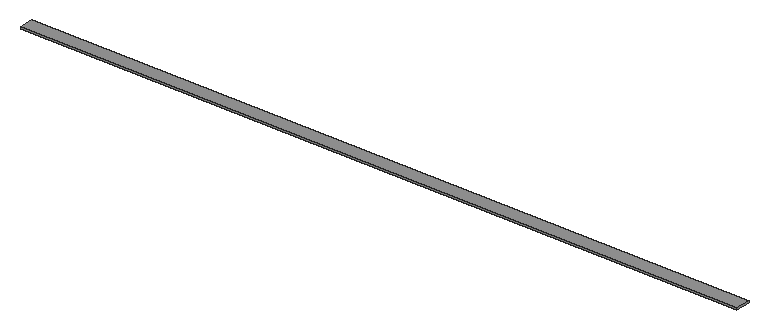
Revit family "0068131", category Lighting Fixtures, host Face, Revit 2017
Family settings
  Host = Face
  Round Connector Dimension = Use Diameter
  Part Type = Normal
  OmniClass Number = 23.80.70.00
  OmniClass Title = Lighting
  Cut with Voids When Loaded = No
  Light Source = Yes
  Shared = No
  Room Calculation Point = No
Parameters (values of type "0068131 START FLEX IP20 827 10000LM - 500 mm")
  Width_SYL = if(IP20HO_SYL, 10 mm, if(IP65_SYL, 12 mm, if(IP65HO_SYL, 10 mm, if(IP67_SYL, 10 mm, if(IP20RGB_SYL, 8 mm, if(IP20RGBW_SYL, 12 mm, if(IP67RGB_SYL, 12 mm, if(IP67RGBW_SYL, 14 mm, 8 mm))))))))  # 10 mm
  Weight = "2.0 kg"
  Wattage Comments = ""
  Wattage = 82.5 W
  WarrantyStartDate [instance] = "n/a"
  WarrantyGuarantorParts = "n/a"
  WarrantyDurationUnit = "n/a"
  WarrantyDurationParts = "n/a"
  WarrantyDescription = "n/a"
  built-in parameter 1150110 = 1 (stored number, unit not read)
  Voltage = 24 V
  URL = "http://www.sylvania-lighting.com"
  TypeName = "START Flex IP20 827 10000lm - 500 mm"
  Type Image = <None>
  Type Comments = "n/a"
  built-in parameter 1114217 = 1 (stored number, unit not read)
  Tilt Angle = -90.00°
  built-in parameter 1150109 = 1 (stored number, unit not read)
  built-in parameter 1150134 = (empty or 0)
  built-in parameter 1150113 = 1 (stored number, unit not read)
  StartCapWidth_SYL = if(IP20HO_SYL, 2 mm, if(IP65_SYL, 14 mm, if(IP65HO_SYL, 12 mm, if(IP67_SYL, 17.5 mm, if(IP20RGB_SYL, 2 mm, if(IP20RGBW_SYL, 2 mm, if(IP67RGB_SYL, 14 mm, if(IP67RGBW_SYL, 16 mm, 2 mm))))))))  # 2 mm
  StartCapVisible_SYL [instance] = no
  StartCapLength_SYL = if(IP20HO_SYL, 2 mm, if(IP65_SYL, 10 mm, if(IP65HO_SYL, 15 mm, if(IP67_SYL, 35 mm, if(IP20RGB_SYL, 2 mm, if(IP20RGBW_SYL, 2 mm, if(IP67RGB_SYL, 12 mm, if(IP67RGBW_SYL, 12 mm, 2 mm))))))))  # 2 mm
  StartCapHeight_SYL = if(IP20HO_SYL, 2 mm, if(IP65_SYL, 6 mm, if(IP65HO_SYL, 6 mm, if(IP67_SYL, 9.5 mm, if(IP20RGB_SYL, 2 mm, if(IP20RGBW_SYL, 2 mm, if(IP67RGB_SYL, 7 mm, if(IP67RGBW_SYL, 7 mm, 2 mm))))))))  # 2 mm
  SerialNumber [instance] = "n/a"
  SealingVisibility_SYL = no
  IP67_SYL = no
  IP67RGB_SYL = no
  IP67RGBW_SYL = no
  IP65_SYL = no
  IP65HO_SYL = no
  IP20RGB_SYL = no
  IP20RGBW_SYL = no
  IP20HO_SYL = yes
  HeightWithSealing_SYL = if(IP20HO_SYL, 2 mm, if(IP65_SYL, 4 mm, if(IP65HO_SYL, 4 mm, if(IP67_SYL, 6 mm, if(IP20RGB_SYL, 2 mm, if(IP20RGBW_SYL, 2 mm, if(IP67RGB_SYL, 5 mm, if(IP67RGBW_SYL, 5 mm, 2 mm))))))))  # 2 mm
  Photometric Web File = "0068131.ies"
  Material_3_SYL = ABS Plastic
  PowerFactor = 0
  PowerConsumption = "82.5 W"
  NominalLength = 5000 mm
  NominalHeight = 1.2 mm
  NominalDepth = 10 mm
  Name = "START Flex IP20 827 10000lm - 500 mm"
  ModelReference = Name  # "START Flex IP20 827 10000lm - 500 mm"
  ModelNumber = "0068131"
  Model = Name  # "START Flex IP20 827 10000lm - 500 mm"
  Material = "none diffuser"
  ManufacturerName = "Feilo Sylvania"
  Manufacturer = "Feilo Sylvania"
  LuminousEfficacy = "129 lm/W"
  built-in parameter 1150105 = 3646.3 (stored number, unit not read)
  Lumens = 10642.5 lm
  LuminaireType = ""
  built-in parameter 1150115 = 1 (stored number, unit not read)
  LightOutputRatio = "n/a"
  built-in parameter 1150137 = (empty or 0)
  built-in parameter 1150139 = (empty or 0)
  Length_SYL = 500 mm
  LampsType = Lamp  # "LED"
  LampNominalLuminous = "10000 lm"
  LampMacAdamStep = "3"
  LampColourTemperature = "2700 K"
  LampColourRenderingIndex = "80"
  built-in parameter 1150112 = 1 (stored number, unit not read)
  built-in parameter 1150114 = 1 (stored number, unit not read)
  Lamp = "LED"
  Keynote = "16500"
  InstallationDate [instance] = "n/a"
  InputVoltage = "24V DC"
  InputNominalFrequency = "n/a"
  built-in parameter 1150132 = (empty or 0)
  built-in parameter 1150102 = (empty or 0)
  built-in parameter 1150107 = 2700 (stored number, unit not read)
  built-in parameter 1150138 = (empty or 0)
  IngressProtection = "IP20"
  ImpactProtectionIndex = "IK00"
  built-in parameter 1150106 = 36.463 (stored number, unit not read)
  IfcExportType = "IfcLightFixtureType"
  IfcExportAs = "IfcLightFixtureType"
  EndCapWidth_SYL = if(IP20HO_SYL, 2 mm, if(IP65_SYL, 14 mm, if(IP65HO_SYL, 12 mm, if(IP67_SYL, 17.5 mm, if(IP20RGB_SYL, 2 mm, if(IP20RGBW_SYL, 2 mm, if(IP67RGB_SYL, 14 mm, if(IP67RGBW_SYL, 16 mm, 2 mm))))))))  # 2 mm
  EndCapVisible_SYL [instance] = no
  EndCapLength_SYL = if(IP20HO_SYL, 2 mm, if(IP65_SYL, 10 mm, if(IP65HO_SYL, 10 mm, if(IP67_SYL, 15 mm, if(IP20RGB_SYL, 2 mm, if(IP20RGBW_SYL, 2 mm, if(IP67RGB_SYL, 10 mm, if(IP67RGBW_SYL, 10 mm, 2 mm))))))))  # 2 mm
  EndCapHeight_SYL = if(IP20HO_SYL, 2 mm, if(IP65_SYL, 6 mm, if(IP65HO_SYL, 6 mm, if(IP67_SYL, 9.5 mm, if(IP20RGB_SYL, 2 mm, if(IP20RGBW_SYL, 2 mm, if(IP67RGB_SYL, 7 mm, if(IP67RGBW_SYL, 7 mm, 2 mm))))))))  # 2 mm
  EmitSurfaceOffset_SYL = 1 mm  # constant formula
  EmitSurfaceHeight_SYL = if(IP20HO_SYL, 1.2 mm, if(IP65_SYL, 4 mm, if(IP65HO_SYL, 4 mm, if(IP67_SYL, 6 mm, if(IP20RGB_SYL, 1.2 mm, if(IP20RGBW_SYL, 1.2 mm, if(IP67RGB_SYL, 5 mm, if(IP67RGBW_SYL, 5 mm, 1.2 mm))))))))  # 1.2 mm
  Emit from Rectangle Width = if(IP20HO_SYL, 3.5 mm, if(IP65_SYL, 12 mm, if(IP65HO_SYL, 10 mm, if(IP67_SYL, 10 mm, if(IP20RGB_SYL, 5 mm, if(IP20RGBW_SYL, 5 mm, if(IP67RGB_SYL, 12 mm, if(IP67RGBW_SYL, 14 mm, 3.5 mm))))))))  # 3.5 mm
  Emit from Rectangle Length = Length_SYL - 2 * EmitSurfaceOffset_SYL  # 498 mm
  Emit Shape Visible in Rendering = no
  ElectricShockClassification = "Class III"
  built-in parameter 1150104 = 11.984 (stored number, unit not read)
  DocumentationLiterature = "http://www.sylvania-lighting.com/product/en-int/products/0068131"
  DimmingControlOptions = "n/a"
  Material_2_SYL = LED
  Dimming Lamp Color Temperature Shift = <None>
  Description = "5 metre IP20 LED reel with pre-attached 3M adhesive type;  equipped with 420 LEDs,24V; 2700K; CRI80; SDCM <3; 50000 hrs (L70)"
  Default Elevation = 1219.2 mm
  CreatedOn = "9/11/2019"
  CreatedBy = "@sylvania-lighting.com"
  Cost = 0
  Color Filter = 16777215
  built-in parameter 1114216 [instance] = (empty or 0)
  ClassificationValue = "EF_70_80"
  ClassificationName = "Uniclass2015"
  Material_1_SYL = Aluminum
  BarCode [instance] = "n/a"
  built-in parameter 1114218 = 1 (stored number, unit not read)
  built-in parameter 1150133 = 10 (stored number, unit not read)
  AssetType = "Fixed"
  AssetIdentifier [instance] = "n/a"
  Assembly Code = "D5020200"
  Apparent Load = 82.5 VA
  Material_4_SYL = Polycarbonate, Clear
Types (4, lengths in mm): name | TypeName | StartCapVisible_SYL | Name | ModelReference | Model | Length_SYL | EndCapVisible_SYL | Emit from Rectangle Length
  0068131 START FLEX IP20 827 10000LM - 500 mm | "START Flex IP20 827 10000lm - 500 mm" | no | "START Flex IP20 827 10000lm - 500 mm" | "START Flex IP20 827 10000lm - 500 mm" | "START Flex IP20 827 10000lm - 500 mm" | 500 | no | 498
  0068131 START FLEX IP20 827 10000LM - 100 mm | "START Flex IP20 827 10000lm - 100 mm" | no | "START Flex IP20 827 10000lm - 100 mm" | "START Flex IP20 827 10000lm - 100 mm" | "START Flex IP20 827 10000lm - 100 mm" | 100 | no | 98
  0068131 START FLEX IP20 827 10000LM - 50 mm | "START Flex IP20 827 10000lm - 50 mm" | yes | "START Flex IP20 827 10000lm - 50 mm" | "START Flex IP20 827 10000lm - 50 mm" | "START Flex IP20 827 10000lm - 50 mm" | 50 | yes | 48
  0068131 START FLEX IP20 827 10000LM - 10 mm | "START Flex IP20 827 10000lm - 10 mm" | yes | "START Flex IP20 827 10000lm - 10 mm" | "START Flex IP20 827 10000lm - 10 mm" | "START Flex IP20 827 10000lm - 10 mm" | 10 | yes | 8
Reference planes
  plane 1 "Center (Front/Back)": y = 0
  plane 2: z = 0
  plane 3 "Center (Left/Right)": x = 0
  plane 4: y = 5
  plane 5: y = -5
  plane 6: z = 1.2
  plane 7: x = 500
  plane 8: x = 250
  plane 9: x = 1
  plane 10: x = 499
  plane 11: y = 1.8
  plane 12: y = -1.8
  plane 13: y = 1
  plane 14: y = -1
  plane 15: x = -2
  plane 16: x = 502
  plane 17: y = 1
  plane 18: y = -1
  plane 19: z = 1.2
  plane 20: z = 2
  plane 21: z = 0.6
  plane 22: z = -0.4
  plane 23: z = 1.6
  plane 24: z = 1.6
  plane 25: z = -0.4
Forms (mm)
  Extrusion 1, solid, material "Aluminum" <- "Material_1_SYL"
    sketch origin (0, 0, 0) x (0, 1, 0) y (0, 0, 1)
      loop
        line (-5, 1.2) -> (-5, 0) -> (5, 0) -> (5, 1.2) -> (-5, 1.2)
    from 0 to 500
  Extrusion 2, solid, material "Polycarbonate, Clear" <- "Material_4_SYL", visible <- "SealingVisibility_SYL"
    sketch origin (0, 0, 0) x (0, 1, 0) y (0, 0, 1)
      loop
        line (-5, 1.2) -> (5, 1.2) -> (5, 2) -> (-5, 2) -> (-5, 1.2)
    from 0 to 500
  Extrusion 3, solid, visible <- "StartCapVisible_SYL"
    sketch origin (0, 0, 0) x (0, 1, 0) y (0, 0, 1)
      loop
        line (-1, -0.4) -> (1, -0.4) -> (1, 1.6) -> (-1, 1.6) -> (-1, -0.4)
    from 0 to -2
  Extrusion 4, solid, visible <- "EndCapVisible_SYL"
    sketch origin (500, 1524, 1219.2) x (0, 1, 0) y (0, 0, 1)
      loop
        line (-1523, -1219.6) -> (-1523, -1217.6) -> (-1525, -1217.6) -> (-1525, -1219.6) -> (-1523, -1219.6)
    from 0 to 2
Lines and regions (mm)
  Split face 1
    outline origin (0, -5, 1.2) x (0, 1, 0) y (-1, 0, 0)
      loop
        line (6.8, -1) -> (3.2, -1) -> (3.2, -499) -> (6.8, -499) -> (6.8, -1)
  reference lines
    curve 1: line (1, 1.8, 0) -> (499, 1.8, 0)
    curve 2: line (1, -1.8, 0) -> (1, 1.8, 0)
    curve 3: line (499, -1.8, 0) -> (1, -1.8, 0)
    curve 4: line (499, 1.8, 0) -> (499, -1.8, 0)
Dimensions and locks
  equal spacing: plane 5, plane 1 "Center (Front/Back)", plane 4
  "Width_SYL": plane 5 to plane 4
  "Length_SYL": plane 3 "Center (Left/Right)" to plane 7
  "EmitSurfaceOffset_SYL": plane 3 "Center (Left/Right)" to plane 9
  equal spacing: plane 9, plane 8, plane 10
  "EmitSurfaceOffset_SYL": plane 10 to plane 7
  equal spacing: plane 12, plane 1 "Center (Front/Back)", plane 11
  locked: plane 12 to plane 11 at 3.6
  equal spacing: plane 14, plane 1 "Center (Front/Back)", plane 13
  "StartCapWidth_SYL": plane 14 to plane 13
  "StartCapLength_SYL": plane 15 to plane 3 "Center (Left/Right)"
  equal spacing: plane 18, plane 1 "Center (Front/Back)", plane 17
  "EndCapWidth_SYL": plane 18 to plane 17
  "EndCapLength_SYL": plane 7 to plane 16
  "EmitSurfaceHeight_SYL": plane 19 to plane 2
  "HeightWithSealing_SYL": host face to plane 20
  equal spacing: plane 2, plane 21, plane 19
  equal spacing: plane 22, plane 21, plane 23
  "EndCapHeight_SYL": plane 22 to plane 23
  equal spacing: plane 25, plane 21, plane 24
  "StartCapHeight_SYL": plane 25 to plane 24
  aligned and locked: plane 2 to host face
  aligned and locked: level to host face
  aligned and locked: plane 6 to Extrusion 1 sketch curve
  aligned and locked: Extrusion 1 sketch curve to plane 5
  aligned and locked: level to Extrusion 1 sketch curve
  aligned and locked: plane 4 to Extrusion 1 sketch curve
  aligned and locked: plane 7 to Extrusion 1
  aligned and locked: imposter light to plane 1 "Center (Front/Back)"
  aligned and locked: plane 8 to imposter light
  aligned and locked: plane 11 to curve 1
  aligned and locked: plane 9 to curve 2
  aligned and locked: curve 3 to plane 12
  aligned and locked: curve 4 to plane 10
  aligned and locked: Split face 1 sketch curve to curve 1
  aligned and locked: Split face 1 sketch curve to curve 4
  aligned and locked: Split face 1 sketch curve to curve 3
  aligned and locked: Split face 1 sketch curve to curve 2
  aligned and locked: imposter light to plane 19
  aligned and locked: Extrusion 2 sketch curve to Extrusion 1  (x2)
  aligned and locked: Extrusion 2 sketch curve to plane 20
  aligned and locked: Extrusion 2 sketch curve to plane 4
  aligned and locked: Extrusion 2 to plane 3 "Center (Left/Right)"
  aligned and locked: plane 7 to Extrusion 2
  aligned and locked: plane 22 to Extrusion 3 sketch curve
  aligned and locked: plane 14 to Extrusion 3 sketch curve
  aligned and locked: Extrusion 3 sketch curve to plane 23
  aligned and locked: Extrusion 3 sketch curve to plane 13
  aligned and locked: Extrusion 3 to plane 15
  aligned and locked: plane 3 "Center (Left/Right)" to Extrusion 3
  aligned and locked: plane 13 to Extrusion 4 sketch curve
  aligned and locked: plane 23 to Extrusion 4 sketch curve
  aligned and locked: Extrusion 4 sketch curve to plane 18
  aligned and locked: Extrusion 4 sketch curve to plane 25
  aligned and locked: plane 16 to Extrusion 4
  aligned and locked: Extrusion 4 to plane 7
Automatic sketch dimensions
  host sketch curve to host sketch curve = 600 mm
  host sketch curve to host sketch curve = 100 mm
Connectors
  electrical at (0, 0, 0.6), driven by "Voltage", driven by "Apparent Load", driven by "PowerFactor"
    settings: on Extrusion 1, index 1, voltage 24 V, apparent load 82.5 VA, apparent load phase1 0 VA, apparent load phase2 0 VA, apparent load phase3 0 VA, power factor 0, load classification "Other", number of poles 1, system type 30, power factor state 1, is connector primary yes, connector utility no, sub classification motor no, connector description ""
